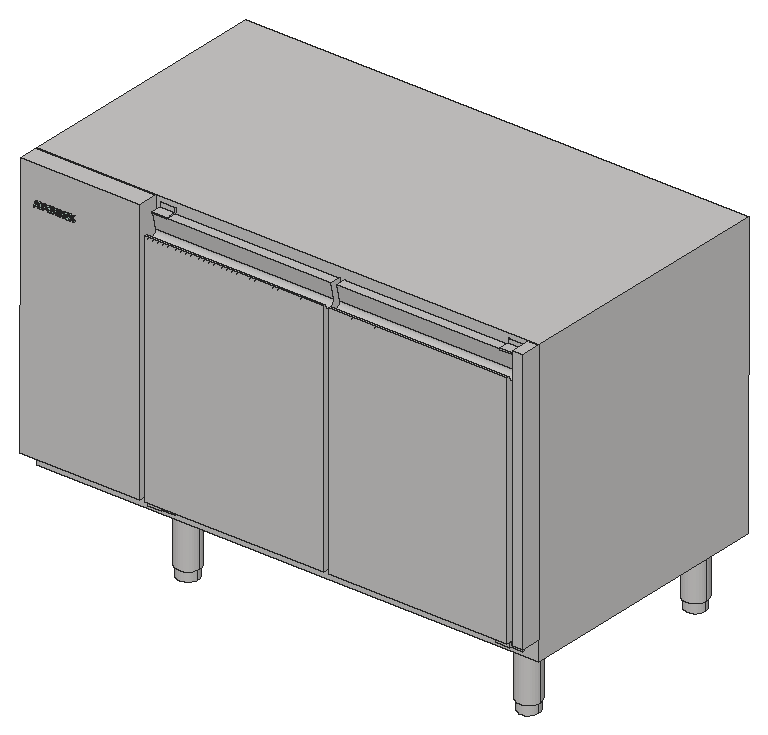
Revit family "QF_ALPENINOX_721000_AK2R7AA", category Attrezzature speciali, Revit 2018 (continued)
Definition of nested family "HPC_APX_BI_TN_L"
  Lines and regions (mm)
    Split face 120
      outline origin (110, -951.3, 50) x (1, 0, 0) y (0, 1, 0)
        loop
          arc (-176.464, 599.474) -> (-172.464, 603.474) -> (-176.464, 607.474) r 4
          line (-176.464, 607.474) -> (-218.464, 607.474)
    Split face 121
      outline origin (220, -951.3, 50) x (1, 0, 0) y (0, 1, 0)
        loop
          arc (-273.464, 607.474) -> (-277.464, 603.474) -> (-273.464, 599.474) r 4
          line (-273.464, 599.474) -> (-231.464, 599.474)
          arc (-231.464, 599.474) -> (-227.464, 603.474) -> (-231.464, 607.474) r 4
          line (-231.464, 607.474) -> (-273.464, 607.474)
    Split face 122
      outline origin (0, -975.3, 50) x (1, 0, 0) y (0, 1, 0)
        loop
          arc (-163.464, 619.474) -> (-167.464, 615.474) -> (-163.464, 611.474) r 4
          line (-163.464, 611.474) -> (-121.464, 611.474)
          arc (-121.464, 611.474) -> (-117.464, 615.474) -> (-121.464, 619.474) r 4
          line (-121.464, 619.474) -> (-163.464, 619.474)
    Split face 123
      outline origin (330, -975.3, 50) x (1, 0, 0) y (0, 1, 0)
        loop
          arc (-328.464, 619.474) -> (-332.464, 615.474) -> (-328.464, 611.474) r 4
          line (-328.464, 611.474) -> (-286.464, 611.474)
          arc (-286.464, 611.474) -> (-282.464, 615.474) -> (-286.464, 619.474) r 4
          line (-286.464, 619.474) -> (-328.464, 619.474)
    Split face 124
      outline origin (110, -975.3, 50) x (1, 0, 0) y (0, 1, 0)
        loop
          arc (-218.464, 619.474) -> (-222.464, 615.474) -> (-218.464, 611.474) r 4
          line (-218.464, 611.474) -> (-176.464, 611.474)
          arc (-176.464, 611.474) -> (-172.464, 615.474) -> (-176.464, 619.474) r 4
          line (-176.464, 619.474) -> (-218.464, 619.474)
    Split face 125
      outline origin (220, -975.3, 50) x (1, 0, 0) y (0, 1, 0)
        loop
          arc (-273.464, 619.474) -> (-277.464, 615.474) -> (-273.464, 611.474) r 4
          line (-273.464, 611.474) -> (-231.464, 611.474)
          arc (-231.464, 611.474) -> (-227.464, 615.474) -> (-231.464, 619.474) r 4
          line (-231.464, 619.474) -> (-273.464, 619.474)
    Split face 126
      outline origin (0, -999.3, 50) x (1, 0, 0) y (0, 1, 0)
        loop
          arc (-163.464, 631.474) -> (-167.464, 627.474) -> (-163.464, 623.474) r 4
          line (-163.464, 623.474) -> (-121.464, 623.474)
          arc (-121.464, 623.474) -> (-117.464, 627.474) -> (-121.464, 631.474) r 4
          line (-121.464, 631.474) -> (-163.464, 631.474)
    Split face 127
      outline origin (330, -999.3, 50) x (1, 0, 0) y (0, 1, 0)
        loop
          arc (-328.464, 631.474) -> (-332.464, 627.474) -> (-328.464, 623.474) r 4
          line (-328.464, 623.474) -> (-286.464, 623.474)
          arc (-286.464, 623.474) -> (-282.464, 627.474) -> (-286.464, 631.474) r 4
          line (-286.464, 631.474) -> (-328.464, 631.474)
    Split face 128
      outline origin (110, -999.3, 50) x (1, 0, 0) y (0, 1, 0)
        loop
          arc (-218.464, 631.474) -> (-222.464, 627.474) -> (-218.464, 623.474) r 4
          line (-218.464, 623.474) -> (-176.464, 623.474)
          arc (-176.464, 623.474) -> (-172.464, 627.474) -> (-176.464, 631.474) r 4
          line (-176.464, 631.474) -> (-218.464, 631.474)
    Split face 129
      outline origin (220, -999.3, 50) x (1, 0, 0) y (0, 1, 0)
        loop
          arc (-273.464, 631.474) -> (-277.464, 627.474) -> (-273.464, 623.474) r 4
          line (-273.464, 623.474) -> (-231.464, 623.474)
          arc (-231.464, 623.474) -> (-227.464, 627.474) -> (-231.464, 631.474) r 4
          line (-231.464, 631.474) -> (-273.464, 631.474)
    Split face 130
      outline origin (0, -1023.3, 50) x (1, 0, 0) y (0, 1, 0)
        loop
          arc (-163.464, 643.474) -> (-167.464, 639.474) -> (-163.464, 635.474) r 4
          line (-163.464, 635.474) -> (-121.464, 635.474)
          arc (-121.464, 635.474) -> (-117.464, 639.474) -> (-121.464, 643.474) r 4
          line (-121.464, 643.474) -> (-163.464, 643.474)
    Split face 131
      outline origin (330, -1023.3, 50) x (1, 0, 0) y (0, 1, 0)
        loop
          arc (-328.464, 643.474) -> (-332.464, 639.474) -> (-328.464, 635.474) r 4
          line (-328.464, 635.474) -> (-286.464, 635.474)
          arc (-286.464, 635.474) -> (-282.464, 639.474) -> (-286.464, 643.474) r 4
          line (-286.464, 643.474) -> (-328.464, 643.474)
    Split face 132
      outline origin (110, -1023.3, 50) x (1, 0, 0) y (0, 1, 0)
        loop
          arc (-218.464, 643.474) -> (-222.464, 639.474) -> (-218.464, 635.474) r 4
          line (-218.464, 635.474) -> (-176.464, 635.474)
          arc (-176.464, 635.474) -> (-172.464, 639.474) -> (-176.464, 643.474) r 4
          line (-176.464, 643.474) -> (-218.464, 643.474)
    Split face 133
      outline origin (220, -1023.3, 50) x (1, 0, 0) y (0, 1, 0)
        loop
          arc (-273.464, 643.474) -> (-277.464, 639.474) -> (-273.464, 635.474) r 4
          line (-273.464, 635.474) -> (-231.464, 635.474)
          arc (-231.464, 635.474) -> (-227.464, 639.474) -> (-231.464, 643.474) r 4
          line (-231.464, 643.474) -> (-273.464, 643.474)
    symbolic lines
      curve 1: line (87.08, -74, 50) -> (87.08, -74, 0)
  Dimensions and locks
    equal spacing: plane 6, plane 1 "Center (Front/Back)", plane 7
    equal spacing: plane 4, plane 3 "Center (Left/Right)", plane 5
    aligned and locked: plane 2 to Extrusion 1
    aligned and locked: level to Extrusion 1
  Automatic sketch dimensions
    Split face 5 sketch curve to Split face 5 sketch curve = 42 mm
    Split face 5 sketch curve to Split face 5 sketch curve = 4 mm
    Split face 6 sketch curve to Split face 6 sketch curve = 42 mm
    Split face 6 sketch curve to Split face 6 sketch curve = 4 mm
    Split face 7 sketch curve to Split face 7 sketch curve = 42 mm
    Split face 7 sketch curve to Split face 7 sketch curve = 4 mm
    Split face 8 sketch curve to Split face 8 sketch curve = 42 mm
    Split face 8 sketch curve to Split face 8 sketch curve = 4 mm
    Split face 9 sketch curve to Split face 9 sketch curve = 42 mm
    Split face 9 sketch curve to Split face 9 sketch curve = 4 mm
    Split face 10 sketch curve to Split face 10 sketch curve = 42 mm
    Split face 10 sketch curve to Split face 10 sketch curve = 4 mm
    Split face 11 sketch curve to Split face 11 sketch curve = 42 mm
    Split face 11 sketch curve to Split face 11 sketch curve = 4 mm
    Split face 12 sketch curve to Split face 12 sketch curve = 42 mm
    Split face 12 sketch curve to Split face 12 sketch curve = 4 mm
    Split face 13 sketch curve to Split face 13 sketch curve = 42 mm
    Split face 13 sketch curve to Split face 13 sketch curve = 4 mm
    Split face 14 sketch curve to Split face 14 sketch curve = 42 mm
    Split face 14 sketch curve to Split face 14 sketch curve = 4 mm
    Split face 15 sketch curve to Split face 15 sketch curve = 42 mm
    Split face 15 sketch curve to Split face 15 sketch curve = 4 mm
    Split face 16 sketch curve to Split face 16 sketch curve = 42 mm
    Split face 16 sketch curve to Split face 16 sketch curve = 4 mm
    Split face 17 sketch curve to Split face 17 sketch curve = 42 mm
    Split face 17 sketch curve to Split face 17 sketch curve = 4 mm
    Split face 18 sketch curve to Split face 18 sketch curve = 42 mm
    Split face 18 sketch curve to Split face 18 sketch curve = 4 mm
    Split face 19 sketch curve to Split face 19 sketch curve = 42 mm
    Split face 19 sketch curve to Split face 19 sketch curve = 4 mm
    Split face 20 sketch curve to Split face 20 sketch curve = 42 mm
    Split face 20 sketch curve to Split face 20 sketch curve = 4 mm
    Split face 21 sketch curve to Split face 21 sketch curve = 42 mm
    Split face 21 sketch curve to Split face 21 sketch curve = 4 mm
    Split face 22 sketch curve to Split face 22 sketch curve = 42 mm
    Split face 22 sketch curve to Split face 22 sketch curve = 4 mm
    Split face 23 sketch curve to Split face 23 sketch curve = 42 mm
    Split face 23 sketch curve to Split face 23 sketch curve = 4 mm
    Split face 24 sketch curve to Split face 24 sketch curve = 42 mm
    Split face 24 sketch curve to Split face 24 sketch curve = 4 mm
    Split face 25 sketch curve to Split face 25 sketch curve = 42 mm
    Split face 25 sketch curve to Split face 25 sketch curve = 4 mm
    Split face 26 sketch curve to Split face 26 sketch curve = 42 mm
    Split face 26 sketch curve to Split face 26 sketch curve = 4 mm
    Split face 27 sketch curve to Split face 27 sketch curve = 42 mm
    Split face 27 sketch curve to Split face 27 sketch curve = 4 mm
    Split face 28 sketch curve to Split face 28 sketch curve = 42 mm
    Split face 28 sketch curve to Split face 28 sketch curve = 4 mm
    Split face 29 sketch curve to Split face 29 sketch curve = 42 mm
    Split face 29 sketch curve to Split face 29 sketch curve = 4 mm
    Split face 30 sketch curve to Split face 30 sketch curve = 42 mm
    Split face 30 sketch curve to Split face 30 sketch curve = 4 mm
    Split face 31 sketch curve to Split face 31 sketch curve = 42 mm
    Split face 31 sketch curve to Split face 31 sketch curve = 4 mm
    Split face 32 sketch curve to Split face 32 sketch curve = 42 mm
    Split face 32 sketch curve to Split face 32 sketch curve = 4 mm
    Split face 33 sketch curve to Split face 33 sketch curve = 42 mm
    Split face 33 sketch curve to Split face 33 sketch curve = 4 mm
    Split face 34 sketch curve to Split face 34 sketch curve = 42 mm
    Split face 34 sketch curve to Split face 34 sketch curve = 4 mm
    Split face 35 sketch curve to Split face 35 sketch curve = 42 mm
    Split face 35 sketch curve to Split face 35 sketch curve = 4 mm
    Split face 36 sketch curve to Split face 36 sketch curve = 42 mm
    Split face 36 sketch curve to Split face 36 sketch curve = 4 mm
    Split face 37 sketch curve to Split face 37 sketch curve = 42 mm
    Split face 37 sketch curve to Split face 37 sketch curve = 4 mm
    Split face 38 sketch curve to Split face 38 sketch curve = 42 mm
    Split face 38 sketch curve to Split face 38 sketch curve = 4 mm
    Split face 39 sketch curve to Split face 39 sketch curve = 42 mm
    Split face 39 sketch curve to Split face 39 sketch curve = 4 mm
    Split face 40 sketch curve to Split face 40 sketch curve = 42 mm
    Split face 40 sketch curve to Split face 40 sketch curve = 4 mm
    Split face 41 sketch curve to Split face 41 sketch curve = 42 mm
    Split face 41 sketch curve to Split face 41 sketch curve = 4 mm
    Split face 42 sketch curve to Split face 42 sketch curve = 42 mm
    Split face 42 sketch curve to Split face 42 sketch curve = 4 mm
    Split face 43 sketch curve to Split face 43 sketch curve = 42 mm
    Split face 43 sketch curve to Split face 43 sketch curve = 4 mm
    Split face 44 sketch curve to Split face 44 sketch curve = 42 mm
    Split face 44 sketch curve to Split face 44 sketch curve = 4 mm
    Split face 45 sketch curve to Split face 45 sketch curve = 42 mm
    Split face 45 sketch curve to Split face 45 sketch curve = 4 mm
    Split face 46 sketch curve to Split face 46 sketch curve = 42 mm
    Split face 46 sketch curve to Split face 46 sketch curve = 4 mm
    Split face 47 sketch curve to Split face 47 sketch curve = 42 mm
    Split face 47 sketch curve to Split face 47 sketch curve = 4 mm
    Split face 48 sketch curve to Split face 48 sketch curve = 42 mm
    Split face 48 sketch curve to Split face 48 sketch curve = 4 mm
    Split face 49 sketch curve to Split face 49 sketch curve = 42 mm
    Split face 49 sketch curve to Split face 49 sketch curve = 4 mm
    Split face 50 sketch curve to Split face 50 sketch curve = 42 mm
    Split face 50 sketch curve to Split face 50 sketch curve = 4 mm
    Split face 51 sketch curve to Split face 51 sketch curve = 42 mm
    Split face 51 sketch curve to Split face 51 sketch curve = 4 mm
    Split face 52 sketch curve to Split face 52 sketch curve = 42 mm
    Split face 52 sketch curve to Split face 52 sketch curve = 4 mm
    Split face 53 sketch curve to Split face 53 sketch curve = 42 mm
    Split face 53 sketch curve to Split face 53 sketch curve = 4 mm
    Split face 54 sketch curve to Split face 54 sketch curve = 42 mm
    Split face 54 sketch curve to Split face 54 sketch curve = 4 mm
    Split face 55 sketch curve to Split face 55 sketch curve = 42 mm
    Split face 55 sketch curve to Split face 55 sketch curve = 4 mm
    Split face 56 sketch curve to Split face 56 sketch curve = 42 mm
    Split face 56 sketch curve to Split face 56 sketch curve = 4 mm
    Split face 57 sketch curve to Split face 57 sketch curve = 42 mm
    Split face 57 sketch curve to Split face 57 sketch curve = 4 mm
    Split face 58 sketch curve to Split face 58 sketch curve = 42 mm
    Split face 58 sketch curve to Split face 58 sketch curve = 4 mm
    Split face 59 sketch curve to Split face 59 sketch curve = 42 mm
    Split face 59 sketch curve to Split face 59 sketch curve = 4 mm
    Split face 60 sketch curve to Split face 60 sketch curve = 42 mm
    Split face 60 sketch curve to Split face 60 sketch curve = 4 mm
    Split face 61 sketch curve to Split face 61 sketch curve = 42 mm
    Split face 61 sketch curve to Split face 61 sketch curve = 4 mm
    Split face 62 sketch curve to Split face 62 sketch curve = 42 mm
    Split face 62 sketch curve to Split face 62 sketch curve = 4 mm
    Split face 63 sketch curve to Split face 63 sketch curve = 42 mm
    Split face 63 sketch curve to Split face 63 sketch curve = 4 mm
    Split face 64 sketch curve to Split face 64 sketch curve = 42 mm
    Split face 64 sketch curve to Split face 64 sketch curve = 4 mm
    Split face 65 sketch curve to Split face 65 sketch curve = 42 mm
    Split face 65 sketch curve to Split face 65 sketch curve = 4 mm
    Split face 66 sketch curve to Split face 66 sketch curve = 42 mm
    Split face 66 sketch curve to Split face 66 sketch curve = 4 mm
    Split face 67 sketch curve to Split face 67 sketch curve = 42 mm
    Split face 67 sketch curve to Split face 67 sketch curve = 4 mm
    Split face 68 sketch curve to Split face 68 sketch curve = 42 mm
    Split face 68 sketch curve to Split face 68 sketch curve = 4 mm
    Split face 70 sketch curve to Split face 70 sketch curve = 42 mm
    Split face 70 sketch curve to Split face 70 sketch curve = 4 mm
    Split face 71 sketch curve to Split face 71 sketch curve = 42 mm
    Split face 71 sketch curve to Split face 71 sketch curve = 4 mm
    Split face 72 sketch curve to Split face 72 sketch curve = 42 mm
    Split face 72 sketch curve to Split face 72 sketch curve = 4 mm
    Split face 73 sketch curve to Split face 73 sketch curve = 42 mm
    Split face 73 sketch curve to Split face 73 sketch curve = 4 mm
    Split face 74 sketch curve to Split face 74 sketch curve = 42 mm
    Split face 74 sketch curve to Split face 74 sketch curve = 4 mm
    Split face 75 sketch curve to Split face 75 sketch curve = 42 mm
    Split face 75 sketch curve to Split face 75 sketch curve = 4 mm
    Split face 76 sketch curve to Split face 76 sketch curve = 42 mm
    Split face 76 sketch curve to Split face 76 sketch curve = 4 mm
    Split face 77 sketch curve to Split face 77 sketch curve = 42 mm
    Split face 77 sketch curve to Split face 77 sketch curve = 4 mm
    Split face 78 sketch curve to Split face 78 sketch curve = 42 mm
    Split face 78 sketch curve to Split face 78 sketch curve = 4 mm
    Split face 79 sketch curve to Split face 79 sketch curve = 42 mm
    Split face 79 sketch curve to Split face 79 sketch curve = 4 mm
    Split face 80 sketch curve to Split face 80 sketch curve = 42 mm
    Split face 80 sketch curve to Split face 80 sketch curve = 4 mm
    Split face 81 sketch curve to Split face 81 sketch curve = 42 mm
    Split face 81 sketch curve to Split face 81 sketch curve = 4 mm
    Split face 82 sketch curve to Split face 82 sketch curve = 42 mm
    Split face 82 sketch curve to Split face 82 sketch curve = 4 mm
    Split face 83 sketch curve to Split face 83 sketch curve = 42 mm
    Split face 83 sketch curve to Split face 83 sketch curve = 4 mm
    Split face 84 sketch curve to Split face 84 sketch curve = 42 mm
    Split face 84 sketch curve to Split face 84 sketch curve = 4 mm
    Split face 85 sketch curve to Split face 85 sketch curve = 42 mm
    Split face 85 sketch curve to Split face 85 sketch curve = 4 mm
    Split face 86 sketch curve to Split face 86 sketch curve = 42 mm
    Split face 86 sketch curve to Split face 86 sketch curve = 4 mm
    Split face 87 sketch curve to Split face 87 sketch curve = 42 mm
    Split face 87 sketch curve to Split face 87 sketch curve = 4 mm
    Split face 88 sketch curve to Split face 88 sketch curve = 42 mm
    Split face 88 sketch curve to Split face 88 sketch curve = 4 mm
    Split face 89 sketch curve to Split face 89 sketch curve = 42 mm
    Split face 89 sketch curve to Split face 89 sketch curve = 4 mm
    Split face 90 sketch curve to Split face 90 sketch curve = 42 mm
    Split face 90 sketch curve to Split face 90 sketch curve = 4 mm
    Split face 91 sketch curve to Split face 91 sketch curve = 42 mm
    Split face 91 sketch curve to Split face 91 sketch curve = 4 mm
    Split face 92 sketch curve to Split face 92 sketch curve = 42 mm
    Split face 92 sketch curve to Split face 92 sketch curve = 4 mm
    Split face 93 sketch curve to Split face 93 sketch curve = 42 mm
    Split face 93 sketch curve to Split face 93 sketch curve = 4 mm
    Split face 94 sketch curve to Split face 94 sketch curve = 42 mm
    Split face 94 sketch curve to Split face 94 sketch curve = 4 mm
    Split face 95 sketch curve to Split face 95 sketch curve = 42 mm
    Split face 95 sketch curve to Split face 95 sketch curve = 4 mm
    Split face 96 sketch curve to Split face 96 sketch curve = 42 mm
    Split face 96 sketch curve to Split face 96 sketch curve = 4 mm
    Split face 97 sketch curve to Split face 97 sketch curve = 42 mm
    Split face 97 sketch curve to Split face 97 sketch curve = 4 mm
    Split face 98 sketch curve to Split face 98 sketch curve = 42 mm
    Split face 98 sketch curve to Split face 98 sketch curve = 4 mm
    Split face 99 sketch curve to Split face 99 sketch curve = 42 mm
    Split face 99 sketch curve to Split face 99 sketch curve = 4 mm
    Split face 100 sketch curve to Split face 100 sketch curve = 42 mm
    Split face 100 sketch curve to Split face 100 sketch curve = 4 mm
    Split face 101 sketch curve to Split face 101 sketch curve = 42 mm
    Split face 101 sketch curve to Split face 101 sketch curve = 4 mm
    Split face 102 sketch curve to Split face 102 sketch curve = 42 mm
    Split face 102 sketch curve to Split face 102 sketch curve = 4 mm
    Split face 103 sketch curve to Split face 103 sketch curve = 42 mm
    Split face 103 sketch curve to Split face 103 sketch curve = 4 mm
    Split face 104 sketch curve to Split face 104 sketch curve = 42 mm
    Split face 104 sketch curve to Split face 104 sketch curve = 4 mm
    Split face 105 sketch curve to Split face 105 sketch curve = 42 mm
    Split face 105 sketch curve to Split face 105 sketch curve = 4 mm
    Split face 106 sketch curve to Split face 106 sketch curve = 42 mm
    Split face 106 sketch curve to Split face 106 sketch curve = 4 mm
    Split face 107 sketch curve to Split face 107 sketch curve = 42 mm
    Split face 107 sketch curve to Split face 107 sketch curve = 4 mm
    Split face 108 sketch curve to Split face 108 sketch curve = 42 mm
    Split face 108 sketch curve to Split face 108 sketch curve = 4 mm
    Split face 109 sketch curve to Split face 109 sketch curve = 42 mm
    Split face 109 sketch curve to Split face 109 sketch curve = 4 mm
    Split face 110 sketch curve to Split face 110 sketch curve = 42 mm
    Split face 110 sketch curve to Split face 110 sketch curve = 4 mm
    Split face 111 sketch curve to Split face 111 sketch curve = 42 mm
    Split face 111 sketch curve to Split face 111 sketch curve = 4 mm
    Split face 112 sketch curve to Split face 112 sketch curve = 42 mm
    Split face 112 sketch curve to Split face 112 sketch curve = 4 mm
    Split face 113 sketch curve to Split face 113 sketch curve = 42 mm
    Split face 113 sketch curve to Split face 113 sketch curve = 4 mm
    Split face 114 sketch curve to Split face 114 sketch curve = 42 mm
    Split face 114 sketch curve to Split face 114 sketch curve = 4 mm
    Split face 115 sketch curve to Split face 115 sketch curve = 42 mm
    Split face 115 sketch curve to Split face 115 sketch curve = 4 mm
    Split face 116 sketch curve to Split face 116 sketch curve = 42 mm
    Split face 116 sketch curve to Split face 116 sketch curve = 4 mm
    Split face 117 sketch curve to Split face 117 sketch curve = 42 mm
    Split face 117 sketch curve to Split face 117 sketch curve = 4 mm
    Split face 118 sketch curve to Split face 118 sketch curve = 42 mm
    Split face 118 sketch curve to Split face 118 sketch curve = 4 mm
    Split face 119 sketch curve to Split face 119 sketch curve = 42 mm
    Split face 119 sketch curve to Split face 119 sketch curve = 4 mm
    Split face 120 sketch curve to Split face 120 sketch curve = 42 mm
    Split face 120 sketch curve to Split face 120 sketch curve = 4 mm
    Split face 121 sketch curve to Split face 121 sketch curve = 42 mm
    Split face 121 sketch curve to Split face 121 sketch curve = 4 mm
    Split face 122 sketch curve to Split face 122 sketch curve = 42 mm
    Split face 122 sketch curve to Split face 122 sketch curve = 4 mm
    Split face 123 sketch curve to Split face 123 sketch curve = 42 mm
    Split face 123 sketch curve to Split face 123 sketch curve = 4 mm
    Split face 124 sketch curve to Split face 124 sketch curve = 42 mm
    Split face 124 sketch curve to Split face 124 sketch curve = 4 mm
    Split face 125 sketch curve to Split face 125 sketch curve = 42 mm
    Split face 125 sketch curve to Split face 125 sketch curve = 4 mm
    Split face 126 sketch curve to Split face 126 sketch curve = 42 mm
    Split face 126 sketch curve to Split face 126 sketch curve = 4 mm
    Split face 127 sketch curve to Split face 127 sketch curve = 42 mm
    Split face 127 sketch curve to Split face 127 sketch curve = 4 mm
    Split face 128 sketch curve to Split face 128 sketch curve = 42 mm
    Split face 128 sketch curve to Split face 128 sketch curve = 4 mm
    Split face 129 sketch curve to Split face 129 sketch curve = 42 mm
    Split face 129 sketch curve to Split face 129 sketch curve = 4 mm
    Split face 130 sketch curve to Split face 130 sketch curve = 42 mm
    Split face 130 sketch curve to Split face 130 sketch curve = 4 mm
    Split face 131 sketch curve to Split face 131 sketch curve = 42 mm
    Split face 131 sketch curve to Split face 131 sketch curve = 4 mm
    Split face 132 sketch curve to Split face 132 sketch curve = 42 mm
    Split face 132 sketch curve to Split face 132 sketch curve = 4 mm
    Split face 133 sketch curve to Split face 133 sketch curve = 42 mm
    Split face 133 sketch curve to Split face 133 sketch curve = 4 mm
    Extrusion 1 sketch curve to Extrusion 1 sketch curve = 2438.4 mm  (x2)
    Extrusion 2 sketch curve to plane 4 = 0 mm
    Extrusion 2 sketch curve to plane 5 = 0 mm
    Extrusion 2 sketch curve to plane 7 = 0 mm
    Extrusion 2 sketch curve to plane 6 = 0 mm
    Split face 1 sketch curve to Extrusion 2 = 0 mm  (x2)
    Split face 1 sketch curve to Extrusion 2 = 34 mm
    Split face 1 sketch curve to Extrusion 2 = 104 mm
    Split face 1 sketch curve to Split face 1 sketch curve = 17.5 mm
    Split face 2 sketch curve to Extrusion 2 = 130.5 mm
    Split face 2 sketch curve to Extrusion 2 = 60.5 mm
    Split face 2 sketch curve to Extrusion 2 = 98 mm
    Split face 2 sketch curve to Split face 2 sketch curve = 23 mm
    Split face 3 sketch curve to Extrusion 2 = 80.5 mm
    Split face 3 sketch curve to Split face 3 sketch curve = 17 mm  (x2)
    Split face 3 sketch curve to Extrusion 2 = 95 mm
    plane 4 to Extrusion 3 sketch curve = 34.51 mm
    Extrusion 3 sketch curve to Extrusion 3 sketch curve = 1.266 mm
    Extrusion 3 sketch curve to Extrusion 3 sketch curve = 1.307 mm
    Extrusion 3 sketch curve to Extrusion 3 sketch curve = 0.57 mm
    Extrusion 3 sketch curve to Extrusion 3 sketch curve = 0.593 mm
    Extrusion 3 sketch curve to Extrusion 3 sketch curve = 0.799 mm
    Extrusion 3 sketch curve to Extrusion 3 sketch curve = 1.99 mm  (x2)
    Extrusion 3 sketch curve to Extrusion 3 sketch curve = 0.003 mm
    Extrusion 3 sketch curve to Extrusion 3 sketch curve = 3.534 mm
    Extrusion 3 sketch curve to Extrusion 3 sketch curve = 0.835 mm
    Extrusion 3 sketch curve to Extrusion 3 sketch curve = 0.56 mm
    Extrusion 3 sketch curve to Extrusion 3 sketch curve = 1.268 mm
    Extrusion 3 sketch curve to Extrusion 3 sketch curve = 1.223 mm
    Extrusion 3 sketch curve to Extrusion 3 sketch curve = 1.344 mm
    Extrusion 3 sketch curve to Extrusion 3 sketch curve = 1.394 mm  (x2)
    Extrusion 3 sketch curve to Extrusion 3 sketch curve = 1.512 mm
    Extrusion 3 sketch curve to Extrusion 3 sketch curve = 3.309 mm
    Extrusion 3 sketch curve to Extrusion 3 sketch curve = 5.841 mm
    Extrusion 3 sketch curve to Extrusion 3 sketch curve = 1.393 mm
    Extrusion 3 sketch curve to Extrusion 3 sketch curve = 1.439 mm
    Extrusion 3 sketch curve to Extrusion 3 sketch curve = 0 mm  (x19)
    Extrusion 3 sketch curve to Extrusion 3 sketch curve = 1.902 mm
    Extrusion 3 sketch curve to Extrusion 3 sketch curve = 0.052 mm
    Extrusion 3 sketch curve to Extrusion 3 sketch curve = 2.065 mm
    Extrusion 3 sketch curve to Extrusion 3 sketch curve = 0.647 mm
    Extrusion 3 sketch curve to Extrusion 3 sketch curve = 8.079 mm
    Extrusion 3 sketch curve to Extrusion 3 sketch curve = 0.073 mm
    Extrusion 3 sketch curve to Extrusion 3 sketch curve = 2.145 mm
    Extrusion 3 sketch curve to Extrusion 3 sketch curve = 2.931 mm
    Extrusion 3 sketch curve to Extrusion 3 sketch curve = 0.213 mm
    Extrusion 3 sketch curve to Extrusion 3 sketch curve = 0.026 mm
    Extrusion 3 sketch curve to Extrusion 3 sketch curve = 0.263 mm
    Extrusion 3 sketch curve to Extrusion 3 sketch curve = 0.516 mm
    Extrusion 3 sketch curve to Extrusion 3 sketch curve = 0.356 mm
    Extrusion 3 sketch curve to Extrusion 3 sketch curve = 0.387 mm
    Extrusion 3 sketch curve to Extrusion 3 sketch curve = 2.378 mm
    Extrusion 3 sketch curve to Extrusion 3 sketch curve = 2.466 mm
    Extrusion 3 sketch curve to Extrusion 3 sketch curve = 0.602 mm
    Extrusion 3 sketch curve to Extrusion 3 sketch curve = 1.02 mm
    Extrusion 3 sketch curve to Extrusion 3 sketch curve = 0.949 mm
    Extrusion 3 sketch curve to Extrusion 3 sketch curve = 1.728 mm
    Extrusion 3 sketch curve to Extrusion 3 sketch curve = 0.157 mm  (x2)
    Extrusion 3 sketch curve to Extrusion 3 sketch curve = 0.292 mm
    Extrusion 3 sketch curve to Extrusion 3 sketch curve = 3.565 mm
    Extrusion 3 sketch curve to Extrusion 3 sketch curve = 1.396 mm  (x2)
    Extrusion 3 sketch curve to Extrusion 3 sketch curve = 1.418 mm  (x2)
    Extrusion 3 sketch curve to Extrusion 3 sketch curve = 1.151 mm  (x2)
    Extrusion 3 sketch curve to Extrusion 3 sketch curve = 5.709 mm  (x2)
    Extrusion 3 sketch curve to Extrusion 3 sketch curve = 0.224 mm  (x2)
    Extrusion 3 sketch curve to Extrusion 3 sketch curve = 1.149 mm  (x2)
    Extrusion 3 sketch curve to Extrusion 3 sketch curve = 1.395 mm  (x2)
    Extrusion 3 sketch curve to Extrusion 3 sketch curve = 1.744 mm
    Extrusion 3 sketch curve to Extrusion 3 sketch curve = 1.745 mm
    Extrusion 3 sketch curve to Extrusion 3 sketch curve = 6.963 mm
    Extrusion 3 sketch curve to Extrusion 3 sketch curve = 0.493 mm  (x3)
    Extrusion 3 sketch curve to Extrusion 3 sketch curve = 0.273 mm  (x2)
    Extrusion 3 sketch curve to Extrusion 3 sketch curve = 0.021 mm  (x2)
    Extrusion 3 sketch curve to Extrusion 3 sketch curve = 0.226 mm  (x2)
    Extrusion 3 sketch curve to Extrusion 3 sketch curve = 0.268 mm  (x2)
    Extrusion 3 sketch curve to Extrusion 3 sketch curve = 0.294 mm
    Extrusion 3 sketch curve to Extrusion 3 sketch curve = 5.238 mm
    Extrusion 3 sketch curve to Extrusion 3 sketch curve = 5.908 mm
    Extrusion 3 sketch curve to Extrusion 3 sketch curve = 1.109 mm  (x2)
    Extrusion 3 sketch curve to Extrusion 3 sketch curve = 1.108 mm  (x2)
    Extrusion 3 sketch curve to Extrusion 3 sketch curve = 1.142 mm  (x2)
    Extrusion 3 sketch curve to Extrusion 3 sketch curve = 1.216 mm  (x2)
    Extrusion 3 sketch curve to Extrusion 3 sketch curve = 3.013 mm
    Extrusion 3 sketch curve to Extrusion 3 sketch curve = 1.616 mm  (x3)
    Extrusion 3 sketch curve to Extrusion 3 sketch curve = 2.305 mm
    Extrusion 3 sketch curve to Extrusion 3 sketch curve = 3.049 mm
    Extrusion 3 sketch curve to plane 6 = 93.469 mm
    Extrusion 3 sketch curve to Extrusion 3 sketch curve = 0.498 mm
    Extrusion 3 sketch curve to Extrusion 3 sketch curve = 0.682 mm
    Extrusion 3 sketch curve to Extrusion 3 sketch curve = 0.664 mm
    Extrusion 3 sketch curve to Extrusion 3 sketch curve = 0.425 mm
    Extrusion 3 sketch curve to Extrusion 3 sketch curve = 0.41 mm
    Extrusion 3 sketch curve to Extrusion 3 sketch curve = 1.272 mm
    Extrusion 3 sketch curve to Extrusion 3 sketch curve = 0.789 mm  (x2)
    Extrusion 3 sketch curve to Extrusion 3 sketch curve = 0.056 mm
    Extrusion 3 sketch curve to Extrusion 3 sketch curve = 0.83 mm
    Extrusion 3 sketch curve to Extrusion 3 sketch curve = 1.238 mm
    Extrusion 3 sketch curve to Extrusion 3 sketch curve = 1.732 mm
    Extrusion 3 sketch curve to Extrusion 3 sketch curve = 0.346 mm
    Extrusion 3 sketch curve to Extrusion 3 sketch curve = 1.123 mm
    Extrusion 3 sketch curve to Extrusion 3 sketch curve = 3.023 mm
    Extrusion 3 sketch curve to Extrusion 3 sketch curve = 4.203 mm
    Extrusion 3 sketch curve to Extrusion 3 sketch curve = 3.452 mm  (x2)
    Extrusion 3 sketch curve to Extrusion 3 sketch curve = 2.544 mm
    Extrusion 3 sketch curve to Extrusion 3 sketch curve = 1.177 mm
    Extrusion 3 sketch curve to Extrusion 3 sketch curve = 3.261 mm
    Extrusion 3 sketch curve to Extrusion 3 sketch curve = 0.352 mm  (x2)
    Extrusion 3 sketch curve to Extrusion 3 sketch curve = 1.987 mm
    Extrusion 3 sketch curve to Extrusion 3 sketch curve = 0.171 mm
    Extrusion 3 sketch curve to Extrusion 3 sketch curve = 0.533 mm  (x3)
    Extrusion 3 sketch curve to Extrusion 3 sketch curve = 0.14 mm  (x4)
    Extrusion 3 sketch curve to Extrusion 3 sketch curve = 0.473 mm
    Extrusion 3 sketch curve to Extrusion 3 sketch curve = 0.31 mm  (x2)
    Extrusion 3 sketch curve to Extrusion 3 sketch curve = 0.075 mm
    Extrusion 3 sketch curve to Extrusion 3 sketch curve = 2.431 mm
    Extrusion 3 sketch curve to Extrusion 3 sketch curve = 2.32 mm  (x2)
    Extrusion 3 sketch curve to Extrusion 3 sketch curve = 1.992 mm
    Extrusion 3 sketch curve to Extrusion 3 sketch curve = 0.674 mm
    Extrusion 3 sketch curve to Extrusion 3 sketch curve = 0.732 mm
    Extrusion 3 sketch curve to Extrusion 3 sketch curve = 0.388 mm
    Extrusion 3 sketch curve to Extrusion 3 sketch curve = 0.121 mm
    Extrusion 3 sketch curve to Extrusion 3 sketch curve = 2.589 mm
    Extrusion 3 sketch curve to Extrusion 3 sketch curve = 0.662 mm
    Extrusion 3 sketch curve to Extrusion 3 sketch curve = 3.473 mm
    Extrusion 3 sketch curve to Extrusion 3 sketch curve = 0.681 mm
    Extrusion 3 sketch curve to Extrusion 3 sketch curve = 1.615 mm
    Extrusion 3 sketch curve to Extrusion 3 sketch curve = 0.34 mm
    Extrusion 3 sketch curve to Extrusion 3 sketch curve = 2.288 mm
    Extrusion 3 sketch curve to Extrusion 3 sketch curve = 0.942 mm
    Extrusion 3 sketch curve to Extrusion 3 sketch curve = 5.4 mm
    Extrusion 3 sketch curve to Extrusion 3 sketch curve = 1.768 mm  (x2)
    Extrusion 3 sketch curve to Extrusion 3 sketch curve = 0.761 mm
    Extrusion 3 sketch curve to Extrusion 3 sketch curve = 0.996 mm
    Extrusion 3 sketch curve to Extrusion 3 sketch curve = 3.543 mm  (x2)
    Extrusion 3 sketch curve to Extrusion 3 sketch curve = 7.017 mm
    Extrusion 3 sketch curve to Extrusion 3 sketch curve = 0.11 mm
    Extrusion 3 sketch curve to Extrusion 3 sketch curve = 0.823 mm  (x2)
    Extrusion 3 sketch curve to Extrusion 3 sketch curve = 0.947 mm
    Extrusion 3 sketch curve to Extrusion 3 sketch curve = 3.837 mm
    Extrusion 3 sketch curve to Extrusion 3 sketch curve = 0.623 mm
    Extrusion 3 sketch curve to Extrusion 3 sketch curve = 1.082 mm
    Extrusion 3 sketch curve to Extrusion 3 sketch curve = 0.801 mm
    Extrusion 3 sketch curve to Extrusion 3 sketch curve = 1 mm
    Extrusion 3 sketch curve to Extrusion 3 sketch curve = 0.089 mm
    Extrusion 3 sketch curve to Extrusion 3 sketch curve = 4.257 mm
    Extrusion 3 sketch curve to Extrusion 3 sketch curve = 4.345 mm  (x2)
    Extrusion 3 sketch curve to Extrusion 3 sketch curve = 2.576 mm
    Extrusion 3 sketch curve to Extrusion 3 sketch curve = 1.385 mm  (x4)
    Extrusion 3 sketch curve to Extrusion 3 sketch curve = 2.133 mm  (x4)
    Extrusion 3 sketch curve to Extrusion 3 sketch curve = 3.518 mm
    Extrusion 3 sketch curve to Extrusion 3 sketch curve = 5.603 mm
    Extrusion 3 sketch curve to Extrusion 3 sketch curve = 2.571 mm
    Split face 4 sketch curve to Extrusion 2 = 0 mm  (x2)
    Split face 4 sketch curve to Extrusion 2 = 64 mm
    Split face 69 sketch curve to Extrusion 2 = 0 mm  (x2)
    Split face 69 sketch curve to Extrusion 2 = 109 mm
    Split face 5 sketch curve to Extrusion 2 = 43.456 mm
    Split face 5 sketch curve to Extrusion 2 = 128.176 mm
    Split face 6 sketch curve to Extrusion 2 = 85.544 mm
    Split face 6 sketch curve to Extrusion 2 = 128.176 mm
    Split face 7 sketch curve to Extrusion 2 = 98.456 mm
    Split face 7 sketch curve to Extrusion 2 = 128.176 mm
    Split face 8 sketch curve to Extrusion 2 = 140.544 mm
    Split face 8 sketch curve to Extrusion 2 = 128.176 mm
    Split face 9 sketch curve to Extrusion 2 = 43.456 mm
    Split face 9 sketch curve to Extrusion 2 = 140.176 mm
    Split face 10 sketch curve to Extrusion 2 = 85.544 mm
    Split face 10 sketch curve to Extrusion 2 = 140.176 mm
    Split face 11 sketch curve to Extrusion 2 = 98.456 mm
    Split face 11 sketch curve to Extrusion 2 = 140.176 mm
    Split face 12 sketch curve to Extrusion 2 = 140.544 mm
    Split face 12 sketch curve to Extrusion 2 = 140.176 mm
    Split face 13 sketch curve to Extrusion 2 = 43.456 mm
    Split face 13 sketch curve to Extrusion 2 = 152.176 mm
    Split face 14 sketch curve to Extrusion 2 = 85.544 mm
    Split face 14 sketch curve to Extrusion 2 = 152.176 mm
    Split face 15 sketch curve to Extrusion 2 = 98.456 mm
    Split face 15 sketch curve to Extrusion 2 = 152.176 mm
    Split face 16 sketch curve to Extrusion 2 = 140.544 mm
    Split face 16 sketch curve to Extrusion 2 = 152.176 mm
    Split face 17 sketch curve to Extrusion 2 = 43.456 mm
    Split face 17 sketch curve to Extrusion 2 = 164.176 mm
    Split face 18 sketch curve to Extrusion 2 = 85.544 mm
    Split face 18 sketch curve to Extrusion 2 = 164.176 mm
    Split face 19 sketch curve to Extrusion 2 = 98.456 mm
    Split face 19 sketch curve to Extrusion 2 = 164.176 mm
    Split face 20 sketch curve to Extrusion 2 = 140.544 mm
    Split face 20 sketch curve to Extrusion 2 = 164.176 mm
    Split face 21 sketch curve to Extrusion 2 = 43.456 mm
    Split face 21 sketch curve to Extrusion 2 = 176.176 mm
    Split face 22 sketch curve to Extrusion 2 = 85.544 mm
    Split face 22 sketch curve to Extrusion 2 = 176.176 mm
    Split face 23 sketch curve to Extrusion 2 = 98.456 mm
    Split face 23 sketch curve to Extrusion 2 = 176.176 mm
    Split face 24 sketch curve to Extrusion 2 = 140.544 mm
    Split face 24 sketch curve to Extrusion 2 = 176.176 mm
    Split face 25 sketch curve to Extrusion 2 = 43.456 mm
    Split face 25 sketch curve to Extrusion 2 = 188.176 mm
    Split face 26 sketch curve to Extrusion 2 = 85.544 mm
    Split face 26 sketch curve to Extrusion 2 = 188.176 mm
    Split face 27 sketch curve to Extrusion 2 = 98.456 mm
    Split face 27 sketch curve to Extrusion 2 = 188.176 mm
    Split face 28 sketch curve to Extrusion 2 = 140.544 mm
    Split face 28 sketch curve to Extrusion 2 = 188.176 mm
    Split face 29 sketch curve to Extrusion 2 = 43.456 mm
    Split face 29 sketch curve to Extrusion 2 = 200.176 mm
    Split face 30 sketch curve to Extrusion 2 = 85.544 mm
    Split face 30 sketch curve to Extrusion 2 = 200.176 mm
    Split face 31 sketch curve to Extrusion 2 = 98.456 mm
    Split face 31 sketch curve to Extrusion 2 = 200.176 mm
    Split face 32 sketch curve to Extrusion 2 = 140.544 mm
    Split face 32 sketch curve to Extrusion 2 = 200.176 mm
    Split face 33 sketch curve to Extrusion 2 = 43.456 mm
    Split face 33 sketch curve to Extrusion 2 = 212.176 mm
    Split face 34 sketch curve to Extrusion 2 = 85.544 mm
    Split face 34 sketch curve to Extrusion 2 = 212.176 mm
    Split face 35 sketch curve to Extrusion 2 = 98.456 mm
    Split face 35 sketch curve to Extrusion 2 = 212.176 mm
    Split face 36 sketch curve to Extrusion 2 = 140.544 mm
    Split face 36 sketch curve to Extrusion 2 = 212.176 mm
    Split face 37 sketch curve to Extrusion 2 = 43.456 mm
    Split face 37 sketch curve to Extrusion 2 = 224.176 mm
    Split face 38 sketch curve to Extrusion 2 = 85.544 mm
    Split face 38 sketch curve to Extrusion 2 = 224.176 mm
    Split face 39 sketch curve to Extrusion 2 = 98.456 mm
    Split face 39 sketch curve to Extrusion 2 = 224.176 mm
    Split face 40 sketch curve to Extrusion 2 = 140.544 mm
    Split face 40 sketch curve to Extrusion 2 = 224.176 mm
    Split face 41 sketch curve to Extrusion 2 = 43.456 mm
    Split face 41 sketch curve to Extrusion 2 = 236.176 mm
    Split face 42 sketch curve to Extrusion 2 = 85.544 mm
    Split face 42 sketch curve to Extrusion 2 = 236.176 mm
    Split face 43 sketch curve to Extrusion 2 = 98.456 mm
    Split face 43 sketch curve to Extrusion 2 = 236.176 mm
    Split face 44 sketch curve to Extrusion 2 = 140.544 mm
    Split face 44 sketch curve to Extrusion 2 = 236.176 mm
    Split face 45 sketch curve to Extrusion 2 = 43.456 mm
    Split face 45 sketch curve to Extrusion 2 = 248.176 mm
    Split face 46 sketch curve to Extrusion 2 = 85.544 mm
    Split face 46 sketch curve to Extrusion 2 = 248.176 mm
    Split face 47 sketch curve to Extrusion 2 = 98.456 mm
    Split face 47 sketch curve to Extrusion 2 = 248.176 mm
    Split face 48 sketch curve to Extrusion 2 = 140.544 mm
    Split face 48 sketch curve to Extrusion 2 = 248.176 mm
    Split face 49 sketch curve to Extrusion 2 = 43.456 mm
    Split face 49 sketch curve to Extrusion 2 = 260.176 mm
    Split face 50 sketch curve to Extrusion 2 = 85.544 mm
    Split face 50 sketch curve to Extrusion 2 = 260.176 mm
    Split face 51 sketch curve to Extrusion 2 = 98.456 mm
    Split face 51 sketch curve to Extrusion 2 = 260.176 mm
    Split face 52 sketch curve to Extrusion 2 = 140.544 mm
    Split face 52 sketch curve to Extrusion 2 = 260.176 mm
    Split face 53 sketch curve to Extrusion 2 = 43.456 mm
    Split face 53 sketch curve to Extrusion 2 = 272.176 mm
    Split face 54 sketch curve to Extrusion 2 = 85.544 mm
    Split face 54 sketch curve to Extrusion 2 = 272.176 mm
    Split face 55 sketch curve to Extrusion 2 = 98.456 mm
    Split face 55 sketch curve to Extrusion 2 = 272.176 mm
    Split face 56 sketch curve to Extrusion 2 = 140.544 mm
    Split face 56 sketch curve to Extrusion 2 = 272.176 mm
    Split face 57 sketch curve to Extrusion 2 = 43.456 mm
    Split face 57 sketch curve to Extrusion 2 = 284.176 mm
    Split face 58 sketch curve to Extrusion 2 = 85.544 mm
    Split face 58 sketch curve to Extrusion 2 = 284.176 mm
    Split face 59 sketch curve to Extrusion 2 = 98.456 mm
    Split face 59 sketch curve to Extrusion 2 = 284.176 mm
    Split face 60 sketch curve to Extrusion 2 = 140.544 mm
    Split face 60 sketch curve to Extrusion 2 = 284.176 mm
    Split face 61 sketch curve to Extrusion 2 = 43.456 mm
    Split face 61 sketch curve to Extrusion 2 = 296.176 mm
    Split face 62 sketch curve to Extrusion 2 = 85.544 mm
    Split face 62 sketch curve to Extrusion 2 = 296.176 mm
    Split face 63 sketch curve to Extrusion 2 = 98.456 mm
    Split face 63 sketch curve to Extrusion 2 = 296.176 mm
    Split face 64 sketch curve to Extrusion 2 = 140.544 mm
    Split face 64 sketch curve to Extrusion 2 = 296.176 mm
    Split face 65 sketch curve to Extrusion 2 = 43.456 mm
    Split face 65 sketch curve to Extrusion 2 = 308.176 mm
    Split face 66 sketch curve to Extrusion 2 = 85.544 mm
    Split face 66 sketch curve to Extrusion 2 = 308.176 mm
    Split face 67 sketch curve to Extrusion 2 = 98.456 mm
    Split face 67 sketch curve to Extrusion 2 = 308.176 mm
    Split face 68 sketch curve to Extrusion 2 = 140.544 mm
    Split face 68 sketch curve to Extrusion 2 = 308.176 mm
    Split face 70 sketch curve to Extrusion 2 = 43.456 mm
    Split face 70 sketch curve to Extrusion 2 = 192.174 mm
    Split face 71 sketch curve to Extrusion 2 = 85.544 mm
    Split face 71 sketch curve to Extrusion 2 = 192.174 mm
    Split face 72 sketch curve to Extrusion 2 = 98.456 mm
    Split face 72 sketch curve to Extrusion 2 = 192.174 mm
    Split face 73 sketch curve to Extrusion 2 = 140.544 mm
    Split face 73 sketch curve to Extrusion 2 = 192.174 mm
    Split face 74 sketch curve to Extrusion 2 = 43.456 mm
    Split face 74 sketch curve to Extrusion 2 = 180.174 mm
    Split face 75 sketch curve to Extrusion 2 = 85.544 mm
    Split face 75 sketch curve to Extrusion 2 = 180.174 mm
    Split face 76 sketch curve to Extrusion 2 = 98.456 mm
    Split face 76 sketch curve to Extrusion 2 = 180.174 mm
    Split face 77 sketch curve to Extrusion 2 = 140.544 mm
    Split face 77 sketch curve to Extrusion 2 = 180.174 mm
    Split face 78 sketch curve to Extrusion 2 = 43.456 mm
    Split face 78 sketch curve to Extrusion 2 = 168.174 mm
    Split face 79 sketch curve to Extrusion 2 = 85.544 mm
    Split face 79 sketch curve to Extrusion 2 = 168.174 mm
    Split face 80 sketch curve to Extrusion 2 = 98.456 mm
    Split face 80 sketch curve to Extrusion 2 = 168.174 mm
    Split face 81 sketch curve to Extrusion 2 = 140.544 mm
    Split face 81 sketch curve to Extrusion 2 = 168.174 mm
    Split face 82 sketch curve to Extrusion 2 = 43.456 mm
    Split face 82 sketch curve to Extrusion 2 = 156.174 mm
    Split face 83 sketch curve to Extrusion 2 = 85.544 mm
    Split face 83 sketch curve to Extrusion 2 = 156.174 mm
    Split face 84 sketch curve to Extrusion 2 = 98.456 mm
    Split face 84 sketch curve to Extrusion 2 = 156.174 mm
    Split face 85 sketch curve to Extrusion 2 = 140.544 mm
    Split face 85 sketch curve to Extrusion 2 = 156.174 mm
    Split face 86 sketch curve to Extrusion 2 = 43.456 mm
    Split face 86 sketch curve to Extrusion 2 = 144.174 mm
    Split face 87 sketch curve to Extrusion 2 = 85.544 mm
    Split face 87 sketch curve to Extrusion 2 = 144.174 mm
    Split face 88 sketch curve to Extrusion 2 = 98.456 mm
    Split face 88 sketch curve to Extrusion 2 = 144.174 mm
    Split face 89 sketch curve to Extrusion 2 = 140.544 mm
    Split face 89 sketch curve to Extrusion 2 = 144.174 mm
    Split face 90 sketch curve to Extrusion 2 = 43.456 mm
    Split face 90 sketch curve to Extrusion 2 = 132.174 mm
    Split face 91 sketch curve to Extrusion 2 = 85.544 mm
    Split face 91 sketch curve to Extrusion 2 = 132.174 mm
    Split face 92 sketch curve to Extrusion 2 = 98.456 mm
    Split face 92 sketch curve to Extrusion 2 = 132.174 mm
    Split face 93 sketch curve to Extrusion 2 = 140.544 mm
    Split face 93 sketch curve to Extrusion 2 = 132.174 mm
    Split face 94 sketch curve to Extrusion 2 = 43.456 mm
    Split face 94 sketch curve to Extrusion 2 = 120.174 mm
    Split face 95 sketch curve to Extrusion 2 = 85.544 mm
    Split face 95 sketch curve to Extrusion 2 = 120.174 mm
    Split face 96 sketch curve to Extrusion 2 = 98.456 mm
    Split face 96 sketch curve to Extrusion 2 = 120.174 mm
    Split face 97 sketch curve to Extrusion 2 = 140.544 mm
    Split face 97 sketch curve to Extrusion 2 = 120.174 mm
    Split face 98 sketch curve to Extrusion 2 = 43.456 mm
    Split face 98 sketch curve to Extrusion 2 = 108.174 mm
    Split face 99 sketch curve to Extrusion 2 = 85.544 mm
    Split face 99 sketch curve to Extrusion 2 = 108.174 mm
    Split face 100 sketch curve to Extrusion 2 = 98.456 mm
    Split face 100 sketch curve to Extrusion 2 = 108.174 mm
    Split face 101 sketch curve to Extrusion 2 = 140.544 mm
    Split face 101 sketch curve to Extrusion 2 = 108.174 mm
    Split face 102 sketch curve to Extrusion 2 = 43.456 mm
    Split face 102 sketch curve to Extrusion 2 = 96.174 mm
    Split face 103 sketch curve to Extrusion 2 = 85.544 mm
    Split face 103 sketch curve to Extrusion 2 = 96.174 mm
    Split face 104 sketch curve to Extrusion 2 = 98.456 mm
    Split face 104 sketch curve to Extrusion 2 = 96.174 mm
    Split face 105 sketch curve to Extrusion 2 = 140.544 mm
    Split face 105 sketch curve to Extrusion 2 = 96.174 mm
    Split face 106 sketch curve to Extrusion 2 = 43.456 mm
    Split face 106 sketch curve to Extrusion 2 = 84.174 mm
    Split face 107 sketch curve to Extrusion 2 = 85.544 mm
    Split face 107 sketch curve to Extrusion 2 = 84.174 mm
    Split face 108 sketch curve to Extrusion 2 = 98.456 mm
    Split face 108 sketch curve to Extrusion 2 = 84.174 mm
    Split face 109 sketch curve to Extrusion 2 = 140.544 mm
    Split face 109 sketch curve to Extrusion 2 = 84.174 mm
    Split face 110 sketch curve to Extrusion 2 = 43.456 mm
    Split face 110 sketch curve to Extrusion 2 = 72.174 mm
    Split face 111 sketch curve to Extrusion 2 = 85.544 mm
    Split face 111 sketch curve to Extrusion 2 = 72.174 mm
    Split face 112 sketch curve to Extrusion 2 = 98.456 mm
    Split face 112 sketch curve to Extrusion 2 = 72.174 mm
    Split face 113 sketch curve to Extrusion 2 = 140.544 mm
    Split face 113 sketch curve to Extrusion 2 = 72.174 mm
    Split face 114 sketch curve to Extrusion 2 = 43.456 mm
    Split face 114 sketch curve to Extrusion 2 = 60.174 mm
    Split face 115 sketch curve to Extrusion 2 = 85.544 mm
    Split face 115 sketch curve to Extrusion 2 = 60.174 mm
    Split face 116 sketch curve to Extrusion 2 = 98.456 mm
    Split face 116 sketch curve to Extrusion 2 = 60.174 mm
    Split face 117 sketch curve to Extrusion 2 = 68.174 mm
    Split face 117 sketch curve to Extrusion 2 = 140.544 mm
    Split face 118 sketch curve to Extrusion 2 = 43.456 mm
    Split face 118 sketch curve to Extrusion 2 = 48.174 mm
    Split face 119 sketch curve to Extrusion 2 = 85.544 mm
    Split face 119 sketch curve to Extrusion 2 = 48.174 mm
    Split face 120 sketch curve to Extrusion 2 = 98.456 mm
    Split face 120 sketch curve to Extrusion 2 = 48.174 mm
    Split face 121 sketch curve to Extrusion 2 = 56.174 mm
    Split face 121 sketch curve to Extrusion 2 = 140.544 mm
    Split face 122 sketch curve to Extrusion 2 = 43.456 mm
    Split face 122 sketch curve to Extrusion 2 = 36.174 mm
    Split face 123 sketch curve to Extrusion 2 = 85.544 mm
    Split face 123 sketch curve to Extrusion 2 = 36.174 mm
    Split face 124 sketch curve to Extrusion 2 = 44.174 mm
    Split face 124 sketch curve to Extrusion 2 = 98.456 mm
    Split face 125 sketch curve to Extrusion 2 = 44.174 mm
    Split face 125 sketch curve to Extrusion 2 = 140.544 mm
    Split face 126 sketch curve to Extrusion 2 = 43.456 mm
    Split face 126 sketch curve to Extrusion 2 = 24.174 mm
    Split face 127 sketch curve to Extrusion 2 = 32.174 mm
    Split face 127 sketch curve to Extrusion 2 = 85.544 mm
    Split face 128 sketch curve to Extrusion 2 = 32.174 mm
    Split face 128 sketch curve to Extrusion 2 = 98.456 mm
    Split face 129 sketch curve to Extrusion 2 = 32.174 mm
    Split face 129 sketch curve to Extrusion 2 = 140.544 mm
    Split face 130 sketch curve to Extrusion 2 = 20.174 mm
    Split face 130 sketch curve to Extrusion 2 = 43.456 mm
    Split face 131 sketch curve to Extrusion 2 = 20.174 mm
    Split face 131 sketch curve to Extrusion 2 = 85.544 mm
    Split face 132 sketch curve to Extrusion 2 = 20.174 mm
    Split face 132 sketch curve to Extrusion 2 = 98.456 mm
    Split face 133 sketch curve to Extrusion 2 = 20.174 mm
    Split face 133 sketch curve to Extrusion 2 = 140.544 mm
    curve 1 to level = 0 mm
    curve 1 to plane 5 = 0 mm
    curve 1 to curve 1 = 50 mm
Definition of nested family "HPC_APX_SD_L"
  Parameters
    Show Clearance [instance] = yes
    Default Elevation = 1219.2 mm
  Reference planes
    plane 1 "Center (Front/Back)": y = 0
    plane 2: z = 0
    plane 3 "Center (Left/Right)": x = 0
    plane 4: x = -234
    plane 5: x = 234
  Forms (mm)
    Extrusion 1, solid
      sketch origin (0, 0, 0) x (1, 0, 0) y (0, 1, 0)
        loop
          line (-1219.2, 1219.2) -> (-1219.2, -1219.2) -> (1219.2, -1219.2) -> (1219.2, 1219.2) -> (-1219.2, 1219.2)
      from 0 to -304.8
    Extrusion 2, solid
      sketch origin (0, 0, -3) x (0, 1, 0) y (0, 0, 1)
        loop
          line (-314, 53) -> (-314, 3) -> (314, 3) -> (314, 29) -> (274.395, 20)
          arc (274.395, 20) -> (260.396, 33.803) -> (274, 47.994) r 14
          line (274, 47.994) -> (274, 53) -> (-314, 53)
      from -220 to 220
    Extrusion 3, solid
      sketch origin (0, 0, 0) x (0, 1, 0) y (0, 0, -1)
        loop
          line (-323.003, -40.312) -> (-323.003, -12.259) -> (-323.003, 0) -> (-351.511, 0) -> (-351.511, -2.5) -> (-325.503, -2.5) -> (-325.503, -42.812) -> (-316.501, -42.812) -> (-316.501, -40.312) -> (-323.003, -40.312)
        loop
          line (-314, -38.311) -> (-314, -11.804) -> (-319.752, -11.804) -> (-319.752, -14.304) -> (-316.501, -14.304) -> (-316.501, -38.311) -> (-314, -38.311)
        loop
          line (315.003, -27.948) -> (317.503, -27.948) -> (317.503, -2.5) -> (327.503, -2.5) -> (327.503, 0) -> (315.003, 0) -> (315.003, -2.948) -> (315.003, -27.948)
      from 185 to 220
    Extrusion 4, solid, visible <- "Show Clearance", detail levels coarse
      sketch origin (0, 0, -3) x (-1, 0, 0) y (0, 0, -1)
        loop
          line (220, -53) -> (-220, -53)
          arc (-220, -53) -> (-79.636, -340.04) -> (220, -451) r 430
          line (220, -451) -> (220, -53)
      from -314 to 314
  Lines and regions (mm)
    symbolic lines
      curve 1: arc (219.599, 0, 55) -> (95.934, 0, 321.503) -> (-170, 0, 446.39) r 430
      curve 2: line (-220, 0, 55) -> (-220, 0, 448)
      curve 3: line (-170, 0, 55) -> (-170, 0, 448)
      curve 4: line (-220, 0, 448) -> (-170, 0, 448)
  Dimensions and locks
    plane 4 to plane 3 "Center (Left/Right)" to plane 5 = 234 mm locked, 234 mm locked
    aligned and locked: plane 2 to Extrusion 1
    aligned and locked: level to Extrusion 1
Definition of nested family "HPC_APX_SD_R"
  Parameters
    Show Clearance [instance] = yes
    Default Elevation = 1219.2 mm
  Reference planes
    plane 1 "Center (Front/Back)": y = 0
    plane 2: z = 0
    plane 3 "Center (Left/Right)": x = 0
    plane 4: x = -234
    plane 5: x = 234
  Forms (mm)
    Extrusion 1, solid
      sketch origin (0, 0, 0) x (1, 0, 0) y (0, 1, 0)
        loop
          line (-1219.2, 1219.2) -> (-1219.2, -1219.2) -> (1219.2, -1219.2) -> (1219.2, 1219.2) -> (-1219.2, 1219.2)
      from 0 to -304.8
    Extrusion 2, solid
      sketch origin (0, 0, -3) x (0, 1, 0) y (0, 0, -1)
        loop
          line (-314, -53) -> (274, -53) -> (274, -47.994)
          arc (274, -47.994) -> (260.396, -33.803) -> (274.395, -20) r 14
          line (274.395, -20) -> (314, -29) -> (314, -3) -> (-314, -3) -> (-314, -53)
      from -220 to 220
    Extrusion 3, solid
      sketch origin (0, 0, 0) x (0, 1, 0) y (0, 0, 1)
        loop
          line (-323.003, 40.312) -> (-316.501, 40.312) -> (-316.501, 42.812) -> (-325.503, 42.812) -> (-325.503, 2.5) -> (-351.511, 2.5) -> (-351.511, 0) -> (-323.003, 0) -> (-323.003, 12.259) -> (-323.003, 40.312)
        loop
          line (-314, 38.311) -> (-316.501, 38.311) -> (-316.501, 14.304) -> (-319.752, 14.304) -> (-319.752, 11.804) -> (-314, 11.804) -> (-314, 38.311)
        loop
          line (315.003, 27.948) -> (315.003, 2.948) -> (315.003, 0) -> (327.503, 0) -> (327.503, 2.5) -> (317.503, 2.5) -> (317.503, 27.948) -> (315.003, 27.948)
      from 185 to 220
    Extrusion 4, solid, visible <- "Show Clearance", detail levels coarse
      sketch origin (0, 0, -3) x (1, 0, 0) y (0, 0, 1)
        loop
          line (220, 53) -> (220, 451)
          arc (220, 451) -> (-79.636, 340.04) -> (-220, 53) r 430
          line (-220, 53) -> (220, 53)
      from -314 to 314
  Lines and regions (mm)
    symbolic lines
      curve 1: arc (-219.599, 0, 55) -> (-95.934, 0, 321.503) -> (170, 0, 446.39) r 430
      curve 2: line (220, 0, 55) -> (220, 0, 448)
      curve 3: line (170, 0, 55) -> (170, 0, 448)
      curve 4: line (220, 0, 448) -> (170, 0, 448)
  Dimensions and locks
    plane 4 to plane 3 "Center (Left/Right)" to plane 5 = 234 mm locked, 234 mm locked
    aligned and locked: plane 2 to Extrusion 1
    aligned and locked: level to Extrusion 1
Definition of nested family "HPC_Refrigerator"
  Reference planes
    plane 1 "Center (Front/Back)": y = 0
    plane 2: z = 0
    plane 3 "Center (Left/Right)": x = 0
  Lines and regions (mm)
    detail lines, in view "Ref. Level"
      curve 1: spline (-500, 190, 0) -> (-493.185, 166.706, 0) -> (-473.205, 145, 0) -> (-441.421, 126.36, 0) -> (-400, 112.058, 0) -> (-351.764, 103.067, 0) -> (-300, 100, 0) -> (-248.236, 103.067, 0) -> (-200, 112.058, 0) -> (-158.579, 126.36, 0) -> (-126.795, 145, 0) -> (-106.815, 166.706, 0) -> (-100, 190, 0) -> (-106.815, 213.294, 0) -> (-126.795, 235, 0) -> (-158.579, 253.64, 0) -> (-200, 267.942, 0) -> (-248.236, 276.933, 0) -> (-300, 280, 0) -> (-351.764, 276.933, 0) -> (-400, 267.942, 0) -> (-441.421, 253.64, 0) -> (-473.205, 235, 0) -> (-493.185, 213.294, 0) -> (-500, 190, 0)
      curve 2: line (-300, 130, 0) -> (-300, 250, 0)
      curve 3: line (-351.962, 220, 0) -> (-248.038, 160, 0)
      curve 4: line (-351.962, 160, 0) -> (-248.038, 220, 0)
      curve 5: line (-280.884, 246.873, 0) -> (-300, 225, 0)
      curve 6: line (-300, 225, 0) -> (-319.116, 246.873, 0)
      curve 7: line (-330.311, 207.5, 0) -> (-339.696, 234.992, 0)
      curve 8: line (-358.812, 201.882, 0) -> (-330.311, 207.5, 0)
      curve 9: line (-330.311, 172.5, 0) -> (-358.812, 178.118, 0)
      curve 10: line (-339.696, 145.008, 0) -> (-330.311, 172.5, 0)
      curve 11: line (-300, 155, 0) -> (-319.116, 133.127, 0)
      curve 12: line (-280.884, 133.127, 0) -> (-300, 155, 0)
      curve 13: line (-269.689, 172.5, 0) -> (-260.304, 145.008, 0)
      curve 14: line (-241.188, 178.118, 0) -> (-269.689, 172.5, 0)
      curve 15: line (-269.689, 207.5, 0) -> (-241.188, 201.882, 0)
      curve 16: line (-260.304, 234.992, 0) -> (-269.689, 207.5, 0)
Types (2, lengths in mm): name | URL | Produttore | Phase | Modello | Descrizione
  (no name) | 0 | 0 | 0 | 0 | 0
  Standard | "http://www.alpeninox.com" | "Alpeninox" | 1 | "AK2R7AA" | "2-DOOR REFRIGERATED COUNTER, -2+10°C, FULL AISI 304, WITHOUT WORK TOP (R290)"
